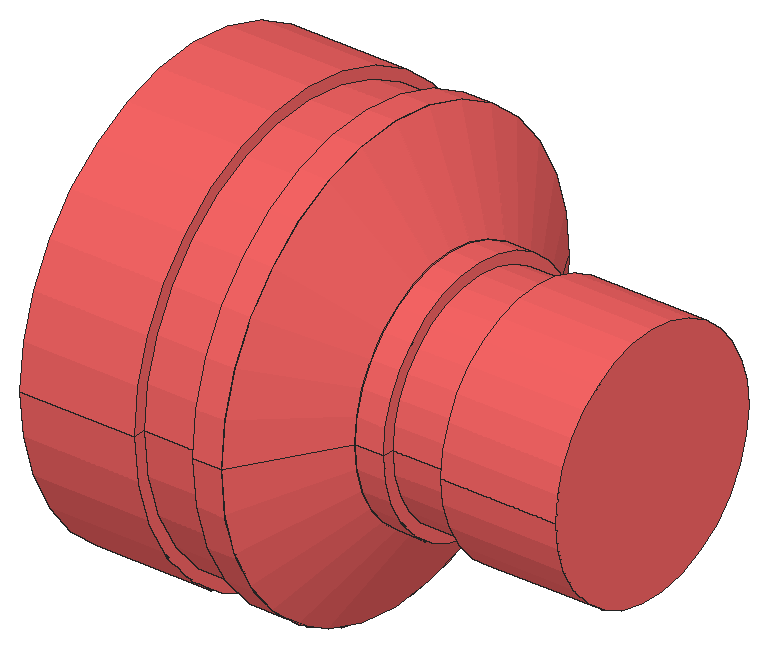
Revit family "ST-140 CONCENTRIC REDUCER GROOVED", category Pipe Fittings, Revit 2025
Family settings
  Round Connector Dimension = Use Diameter
  Part Type = Transition
  Work Plane-Based = No
  Always vertical = No
  Cut with Voids When Loaded = No
  Shared = No
Parameters (values of type "50X25")
  OD2+5 [instance] = OD2 + 5 mm  # 38.4 mm
  OD2 [instance] = size_lookup(LOOKUP TABLE, "OD2", 50 mm, ND1, ND2)  # 33.4 mm
  OD1+5 [instance] = OD1 + 5 mm  # 65.3 mm
  OD1 [instance] = size_lookup(LOOKUP TABLE, "OD1", 50 mm, ND1, ND2)  # 60.3 mm
  ND2 [instance] = 25 mm
  ND1 [instance] = 50 mm
  Loss Method = K Coefficient
  LOOKUP TABLE [instance] = "ST-140 CONCENTRIC REDUCER rev1"
  L [instance] = size_lookup(LOOKUP TABLE, "L", 50 mm, ND1, ND2)  # 63.5 mm
  K Coefficient Table = "Reducer/Coupling/Union/Increaser"
  JK+4 [instance] = J + K + 4 mm  # 27.9 mm
  K [instance] = size_lookup(LOOKUP TABLE, "K", 50 mm, ND1, ND2)  # 15.9 mm
  J [instance] = size_lookup(LOOKUP TABLE, "J", 50 mm, ND1, ND2)  # 8 mm
  H [instance] = size_lookup(LOOKUP TABLE, "H", 50 mm, ND1, ND2)  # 8 mm
  GH+4 [instance] = G + H + 4 mm  # 27.9 mm
  G [instance] = size_lookup(LOOKUP TABLE, "G", 50 mm, ND1, ND2)  # 15.9 mm
  Default Elevation = 0 mm
  GD2 [instance] = size_lookup(LOOKUP TABLE, "GD2", 50 mm, ND1, ND2)  # 30.3 mm
  GD1 [instance] = size_lookup(LOOKUP TABLE, "GD1", 50 mm, ND1, ND2)  # 57.2 mm
Types (48, lengths in mm): name | OD2+5 | OD2 | OD1+5 | OD1 | ND2 | ND1 | Loss Method | L | K Coefficient Table | JK+4 | K | J | H | GH+4 | G | GD2 | GD1
  50X32 | 53.3 | 48.3 | 65.3 | 60.3 | 40 | 50 | Not Defined | 63.5 | 0 | 27.9 | 15.9 | 8 | 8 | 27.9 | 15.9 | 45.1 | 57.2
  50X40 | 53.3 | 48.3 | 65.3 | 60.3 | 40 | 50 | Not Defined | 63.5 | 0 | 27.9 | 15.9 | 8 | 8 | 27.9 | 15.9 | 45.1 | 57.2
  32X25 | 38.4 | 33.4 | 47.2 | 42.2 | 25 | 32 | Not Defined | 63.5 | 0 | 27.9 | 15.9 | 8 | 8 | 27.9 | 15.9 | 30.3 | 39
  40X25 | 38.4 | 33.4 | 53.3 | 48.3 | 25 | 40 | Not Defined | 63.5 | 0 | 27.9 | 15.9 | 8 | 8 | 27.9 | 15.9 | 30.3 | 45.1
  50X25 | 38.4 | 33.4 | 65.3 | 60.3 | 25 | 50 | K Coefficient | 63.5 | "Reducer/Coupling/Union/Increaser" | 27.9 | 15.9 | 8 | 8 | 27.9 | 15.9 | 30.3 | 57.2
  65X32 | 47.2 | 42.2 | 78 | 73 | 32 | 65 | Not Defined | 63.5 | 0 | 27.9 | 15.9 | 8 | 8 | 27.9 | 15.9 | 39 | 69.1
  65X40 | 53.3 | 48.3 | 78 | 73 | 40 | 65 | Not Defined | 63.5 | 0 | 27.9 | 15.9 | 8 | 8 | 27.9 | 15.9 | 45.1 | 69.1
  65X50 | 65.3 | 60.3 | 78 | 73 | 50 | 65 | Not Defined | 63.5 | 0 | 27.9 | 15.9 | 8 | 8 | 27.9 | 15.9 | 57.2 | 69.1
  76.1X32 | 47.2 | 42.2 | 81.2 | 76.2 | 32 | 76.1 | Not Defined | 63.5 | 0 | 27.9 | 15.9 | 8 | 8 | 27.9 | 15.9 | 39 | 72.3
  76.1X40 | 53.3 | 48.3 | 81.2 | 76.2 | 40 | 76.1 | Not Defined | 63.5 | 0 | 27.9 | 15.9 | 8 | 8 | 27.9 | 15.9 | 45.1 | 72.3
  76.1X50 | 65.3 | 60.3 | 81.2 | 76.2 | 50 | 76.1 | Not Defined | 63.5 | 0 | 27.9 | 15.9 | 8 | 8 | 27.9 | 15.9 | 57.2 | 72.3
  80X32 | 47.2 | 42.2 | 93.9 | 88.9 | 32 | 80 | Not Defined | 63.5 | 0 | 27.9 | 15.9 | 8 | 8 | 27.9 | 15.9 | 39 | 85
  80X40 | 53.3 | 48.3 | 93.9 | 88.9 | 40 | 80 | Not Defined | 63.5 | 0 | 27.9 | 15.9 | 8 | 8 | 27.9 | 15.9 | 45.1 | 85
  80X50 | 65.3 | 60.3 | 93.9 | 88.9 | 50 | 80 | Not Defined | 63.5 | 0 | 27.9 | 15.9 | 8 | 8 | 27.9 | 15.9 | 57.2 | 85
  80X65 | 78 | 73 | 93.9 | 88.9 | 65 | 80 | Not Defined | 63.5 | 0 | 27.9 | 15.9 | 8 | 8 | 27.9 | 15.9 | 69 | 85
  100X32 | 47.2 | 42.2 | 119.3 | 114.3 | 32 | 100 | Not Defined | 76.2 | 0 | 27.9 | 15.9 | 8 | 9.5 | 29.4 | 15.9 | 39 | 110.1
  100X40 | 53.3 | 48.3 | 119.3 | 114.3 | 40 | 100 | Not Defined | 76.2 | 0 | 27.9 | 15.9 | 8 | 9.5 | 29.4 | 15.9 | 45.1 | 110.1
  100X50 | 65.3 | 60.3 | 119.3 | 114.3 | 50 | 100 | Not Defined | 76.2 | 0 | 27.9 | 15.9 | 8 | 9.5 | 29.4 | 15.9 | 57.2 | 110.1
  100X76.1 | 81.2 | 76.2 | 119.3 | 114.3 | 76.1 | 100 | Not Defined | 76.2 | 0 | 27.9 | 15.9 | 8 | 9.5 | 29.4 | 15.9 | 72 | 110.1
  100X65 | 78 | 73 | 119.3 | 114.3 | 65 | 100 | Not Defined | 76.2 | 0 | 27.9 | 15.9 | 8 | 9.5 | 29.4 | 15.9 | 69.1 | 110.1
  100X80 | 93.9 | 88.9 | 119.3 | 114.3 | 80 | 100 | Not Defined | 76.2 | 0 | 27.9 | 15.9 | 8 | 9.5 | 29.4 | 15.9 | 84.9 | 110.1
  125X50 | 65.3 | 60.3 | 146.3 | 141.3 | 50 | 125 | Not Defined | 89 | 0 | 27.9 | 15.9 | 8 | 9.5 | 29.4 | 15.9 | 57.2 | 137
  125X76.1 | 81.2 | 76.2 | 146.3 | 141.3 | 76.1 | 125 | Not Defined | 89 | 0 | 27.9 | 15.9 | 8 | 9.5 | 29.4 | 15.9 | 72 | 137
  125X65 | 78 | 73 | 146.3 | 141.3 | 65 | 125 | Not Defined | 89 | 0 | 27.9 | 15.9 | 8 | 9.5 | 29.4 | 15.9 | 69.1 | 137
  125X80 | 93.9 | 88.9 | 146.3 | 141.3 | 80 | 125 | Not Defined | 89 | 0 | 27.9 | 15.9 | 8 | 9.5 | 29.4 | 15.9 | 84.9 | 137
  125X100 | 119.3 | 114.3 | 146.3 | 141.3 | 100 | 125 | Not Defined | 89 | 0 | 29.4 | 15.9 | 9.5 | 9.5 | 29.4 | 15.9 | 110.1 | 137
  165.1X50 | 93.9 | 88.9 | 224.1 | 219.1 | 80 | 200 | Not Defined | 127 | 0 | 27.9 | 15.9 | 8 | 11.1 | 34.1 | 19 | 84.9 | 215
  165.1X76.1 | 81.2 | 76.2 | 170.1 | 165.1 | 76.1 | 165.1 | Not Defined | 101.6 | 0 | 27.9 | 15.9 | 8 | 9.5 | 29.4 | 15.9 | 72 | 161
  165.1X65 | 93.9 | 88.9 | 170.1 | 165.1 | 80 | 165.1 | Not Defined | 101.6 | 0 | 27.9 | 15.9 | 8 | 9.5 | 29.4 | 15.9 | 84.9 | 161
  165.1X100 | 119.3 | 114.3 | 170.1 | 165.1 | 100 | 165.1 | Not Defined | 101.6 | 0 | 29.4 | 15.9 | 9.5 | 9.5 | 29.4 | 15.9 | 110.1 | 161
  150X50 | 65.3 | 60.3 | 173.3 | 168.3 | 50 | 150 | Not Defined | 101.6 | 0 | 27.9 | 15.9 | 8 | 9.5 | 29.4 | 15.9 | 57.2 | 164
  150X76.1 | 81.2 | 76.2 | 173.3 | 168.3 | 76.1 | 150 | Not Defined | 101.6 | 0 | 27.9 | 15.9 | 8 | 9.5 | 29.4 | 15.9 | 72 | 164
  150X65 | 78 | 73 | 173.3 | 168.3 | 65 | 150 | Not Defined | 101.6 | 0 | 27.9 | 15.9 | 8 | 9.5 | 29.4 | 15.9 | 69.1 | 164
  150X80 | 93.9 | 88.9 | 173.3 | 168.3 | 80 | 150 | Not Defined | 101.6 | 0 | 27.9 | 15.9 | 8 | 9.5 | 29.4 | 15.9 | 84.9 | 164
  150X100 | 119.3 | 114.3 | 173.3 | 168.3 | 100 | 150 | Not Defined | 101.6 | 0 | 29.4 | 15.9 | 9.5 | 9.5 | 29.4 | 15.9 | 110.1 | 164
  150X125 | 146.3 | 141.3 | 173.3 | 168.3 | 125 | 150 | Not Defined | 101.6 | 0 | 29.4 | 15.9 | 9.5 | 9.5 | 29.4 | 15.9 | 137 | 164
  80X76.1 | 81.2 | 76.2 | 93.9 | 88.9 | 76.1 | 80 | Not Defined | 65 | 0 | 27.9 | 15.9 | 8 | 8 | 27.9 | 15.9 | 72.3 | 85
  200X80 | 93.9 | 88.9 | 224.1 | 219.1 | 80 | 200 | Not Defined | 127 | 0 | 27.9 | 15.9 | 8 | 11.1 | 34.1 | 19 | 84.9 | 215
  200X100 | 119.3 | 114.3 | 224.1 | 219.1 | 100 | 200 | Not Defined | 127 | 0 | 29.4 | 15.9 | 9.5 | 11.1 | 34.1 | 19 | 110.1 | 215
  200X125 | 146.3 | 141.3 | 224.1 | 219.1 | 125 | 200 | Not Defined | 127 | 0 | 29.4 | 15.9 | 9.5 | 11.1 | 34.1 | 19 | 137 | 215
  200X150 | 173.3 | 168.3 | 224.1 | 219.1 | 150 | 200 | Not Defined | 127 | 0 | 29.4 | 15.9 | 9.5 | 11.1 | 34.1 | 19 | 164 | 215
  200X165.1 | 170.1 | 165.1 | 224.1 | 219.1 | 165.1 | 200 | Not Defined | 127 | 0 | 29.4 | 15.9 | 9.5 | 11.1 | 34.1 | 19 | 161 | 215
  250X80 | 93.9 | 88.9 | 278 | 273 | 80 | 250 | Not Defined | 152.4 | 0 | 27.9 | 15.9 | 8 | 12.7 | 35.7 | 19 | 84.9 | 268
  250X100 | 119.3 | 114.3 | 278 | 273 | 100 | 250 | Not Defined | 152.4 | 0 | 29.4 | 15.9 | 9.5 | 12.7 | 35.7 | 19 | 110.1 | 268
  250X125 | 146.3 | 141.3 | 278 | 273 | 125 | 250 | Not Defined | 152.4 | 0 | 29.4 | 15.9 | 9.5 | 12.7 | 35.7 | 19 | 137 | 268
  250X150 | 173.3 | 168.3 | 278 | 273 | 150 | 250 | Not Defined | 152.4 | 0 | 29.4 | 15.9 | 9.5 | 12.7 | 35.7 | 19 | 164 | 268
  250X165.1 | 170.1 | 165.1 | 278 | 273 | 165.1 | 250 | Not Defined | 152.4 | 0 | 29.4 | 15.9 | 9.5 | 12.7 | 35.7 | 19 | 161 | 268
  250X200 | 224.1 | 219.1 | 278 | 273 | 200 | 250 | Not Defined | 152.4 | 0 | 34.1 | 19 | 11.1 | 12.7 | 35.7 | 19 | 215 | 268
Reference planes
  plane 1 "Center (Front/Back)": y = 0
  plane 2: z = 0
  plane 3 "Center (Left/Right)": x = 0
  plane 4: y = 30.15
  plane 5: y = 16.7
  plane 6: y = -30.15
  plane 7 "1": x = 63.5
  plane 8 "3": x = 35.6
  plane 9 "2": x = 27.9
  plane 10: y = -16.7
  plane 11: y = 28.6
  plane 12: y = -28.6
  plane 13: y = 15.15
  plane 14: y = -15.15
  plane 15: x = 15.9
  plane 16: x = 39.6
  plane 17: x = 47.6
  plane 18: x = 23.9
  plane 19: y = 32.65
  plane 20: y = -32.65
  plane 21: y = 19.2
  plane 22: y = -19.2
Forms (mm)
  Extrusion 1, solid, material "Iron, Ductile(1)"
    sketch origin (0, 0, 0) x (0, 1, 0) y (0, 0, 1)
      loop
        circle (0, 0) r 30.15
    from 0 to 27.9
  Extrusion 2, solid, material "Iron, Ductile(1)"
    sketch origin (63.5, 0, 0) x (0, 1, 0) y (0, 0, 1)
      loop
        circle (0, 0) r 16.7
    from 0 to -27.9
  Blend 3, solid, material "Iron, Ductile(1)"
    base sketch origin (27.9, 0, 0) x (0, 1, 0) y (0, 0, 1)
      loop
        circle (0, 0) r 30.15
    top sketch origin (27.9, 0, 0) x (0, 1, 0) y (0, 0, 1)
      loop
        circle (0, 0) r 16.7
    from 0 to 7.7
  Revolve 4, void
    sketch origin (0, 0, 0) x (1, 0, 0) y (0, 1, 0)
      loop
        line (15.9, 32.65) -> (15.9, 28.6) -> (23.9, 28.6) -> (23.9, 32.65) -> (15.9, 32.65)
      loop
        line (39.6, 15.15) -> (47.6, 15.15) -> (47.6, 19.2) -> (39.6, 19.2) -> (39.6, 15.15)
      axis (47.6, 0) -> (15.9, 0)
    angle from 0 to 360
Cuts and joins
  Revolve 4 cuts Extrusion 2
  Revolve 4 cuts Extrusion 1
Dimensions and locks
  "OD1": plane 4 to plane 6
  "OD2": plane 5 to plane 10
  "GD2": plane 14 to plane 13
  equal spacing: plane 4, plane 1 "Center (Front/Back)", plane 6
  "GD1": plane 11 to plane 12
  equal spacing: plane 11, plane 1 "Center (Front/Back)", plane 12
  equal spacing: plane 14, plane 1 "Center (Front/Back)", plane 13
  equal spacing: plane 5, plane 1 "Center (Front/Back)", plane 10
  "G": plane 3 "Center (Left/Right)" to plane 15
  "H": plane 15 to plane 18
  "GH+4": plane 3 "Center (Left/Right)" to plane 9 "2"
  "K": plane 17 to plane 7 "1"
  "J": plane 16 to plane 17
  "JK+4": plane 8 "3" to plane 7 "1"
  "L": plane 3 "Center (Left/Right)" to plane 7 "1"
  equal spacing: plane 19, plane 1 "Center (Front/Back)", plane 20
  "OD1+5": plane 19 to plane 20
  equal spacing: plane 22, plane 1 "Center (Front/Back)", plane 21
  "OD2+5": plane 22 to plane 21
  "OD1": diameter of Extrusion 1 sketch curve
  "OD2": diameter of Extrusion 2 sketch curve
  "OD1": diameter of Blend 3 sketch curve
  "OD2": diameter of Blend 3 sketch curve
  aligned and locked: level to plane 2
  aligned and locked: plane 1 "Center (Front/Back)" to Extrusion 1 sketch curve
  aligned and locked: level to Extrusion 1 sketch curve
  aligned and locked: plane 9 "2" to Extrusion 1
  aligned and locked: plane 1 "Center (Front/Back)" to Extrusion 2 sketch curve
  aligned and locked: level to Extrusion 2 sketch curve
  aligned and locked: Extrusion 2 to plane 8 "3"
  aligned and locked: plane 1 "Center (Front/Back)" to Blend 3 sketch curve  (x2)
  aligned and locked: level to Blend 3 sketch curve  (x2)
  aligned and locked: plane 8 "3" to Blend 3
  aligned and locked: Revolve 4 sketch curve to plane 19
  aligned and locked: plane 15 to Revolve 4 sketch curve
  aligned and locked: plane 11 to Revolve 4 sketch curve
  aligned and locked: Revolve 4 sketch curve to plane 18
  aligned and locked: plane 13 to Revolve 4 sketch curve
  aligned and locked: Revolve 4 sketch curve to plane 16
  aligned and locked: Revolve 4 sketch curve to plane 21
  aligned and locked: plane 17 to Revolve 4 sketch curve
  aligned and locked: Revolve 4 sketch curve to plane 1 "Center (Front/Back)"
Automatic sketch dimensions
  Revolve 4 sketch curve to plane 3 "Center (Left/Right)" = 2000 mm
  plane 7 "1" to Revolve 4 sketch curve = 1936.5 mm
Connectors
  piping at (63.5, 0, 0), diameter 25, driven by "ND2"
    settings: on cut or joined group of Extrusion 2, Revolve 4, index 1, connector inside diameter 609.6 mm, connector length 0 mm, flow factor 0, pipe flow 0.0 L/s, pressure drop 0.0 Pa, fitting loss kfactor 0, connector angle 0.00°, fixture units 0, engagement length 0 mm, angle of deflection 0.00°, flow configuration 0, flow direction 0, fitting loss method 0, system type 22, joint type 0, gender type 0, connector reference index 2, connector utility 0, adjustable connector no, is connector primary yes, connector description ""
  piping at (0, 0, 0), diameter 50, driven by "ND1"
    settings: on cut or joined group of Extrusion 2, Revolve 4, index 2, connector inside diameter 609.6 mm, connector length 0 mm, flow factor 0, pipe flow 0.0 L/s, pressure drop 0.0 Pa, fitting loss kfactor 0, connector angle 0.00°, fixture units 0, engagement length 0 mm, angle of deflection 0.00°, flow configuration 0, flow direction 0, fitting loss method 0, system type 29, joint type 0, gender type 0, connector reference index 1, connector utility 0, adjustable connector no, is connector primary no, connector description ""
